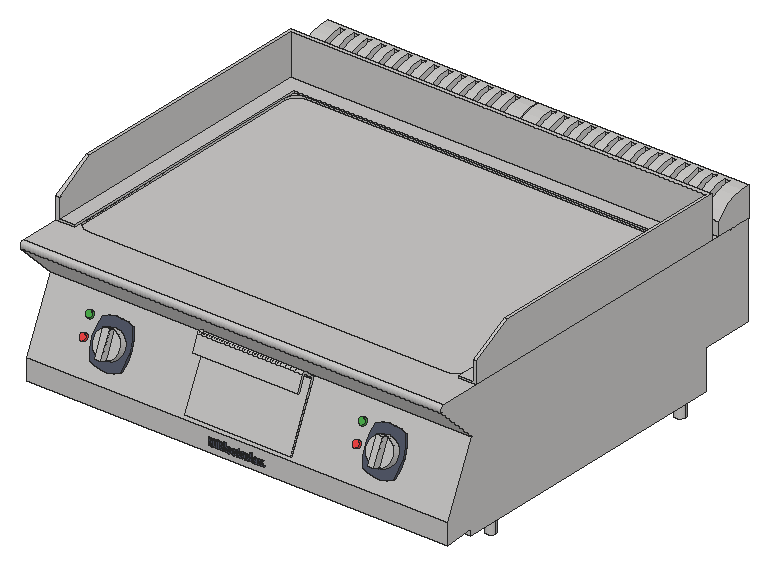
Revit family "QF_ELECTROLUXPROFESSIONAL_371197_E7FTEHCPI0", category Specialty Equipment, Revit 2018
Family settings
  Round Connector Dimension = Use Diameter
  Part Type = Normal
  Work Plane-Based = No
  Always vertical = Yes
  Cut with Voids When Loaded = No
  Shared = No
  Room Calculation Point = No
Parameters
  Width = 800.1 mm  # constant formula
  Weight in Pounds = 154  # constant formula
  Watts = 8400 VA  # 8400 W
  Volts = 400 V  # constant formula
  URL Cutsheet = "www.electrolux.com/foodservice"
  URL = "www.electrolux.com/foodservice"
  Type Mark [instance] = ""
  Status [instance] = ""
  Specification by User [instance] = ""
  Specification by Manufacturer = ""
  Show Logo [instance] = yes
  Show Clearance [instance] = yes
  Serial Number = ""
  Seismic Rating = ""
  SMACNA No = ""
  Revision Code [instance] = ""
  Phase = 3  # constant formula
  Omniclass Number and Title = ""
  Number of Poles [instance] = 1
  NAFEM Spec ID Number = ""
  Model = "371197"
  Min Ckt Ampacity = 0 A
  Max Overcurrent Protection = 0 A
  Masterspec = ""
  Manufacturer = "ELECTROLUX"
  Item Number [instance] = ""
  Installed By [instance] = ""
  Identify Quantity as Lot [instance] = yes
  Height = 355 mm  # constant formula
  HP = "11.3 HP"
  Furnished By [instance] = ""
  Foodservice Equipment Identifier [instance] = yes
  FL Amps = if(Phase = 3, Watts / (Volts * 1.73), Watts / Volts)  # 12.1387 A
  Electrical Remarks [instance] = "400 V/3N ph/50/60 Hz"  # constant formula
  Electric Connection Type [instance] = ""
  Elec Conn RI Height [instance] = 0 mm
  Elec Conn Connection Height [instance] = 0 mm
  Direct Waste Size = 0"
  Description = "700XP Full Module Electricl Fry Top, 2/3 Smooth - 1/3 Ribbed Plate, Chromium Plated - 400V"
  Depth = 730.25 mm  # constant formula
  Cycle [instance] = if([60 Hertz Option], 60 Hz, 50 Hz)  # 60 Hz
  Conn Plug = ""
  Conn Conduit = yes
  CSI MasterFormat = ""
  CSI Master Format = ""
  Base Height [instance] = 23.813 mm  # constant formula
  Assembly Code = ""
  Apparent Power = if(Phase = 3, Volts * FL Amps * 1.73, Volts * FL Amps)  # 8400 VA
  60 Hertz Option [instance] = not([50 Hertz Option])  # yes
  50 Hertz Option [instance] = no
Reference planes
  plane 1 "BACK": y = 0
  plane 2: z = 0
  plane 3 "LEFT": x = 0
  plane 4 "RIGHT": x = 800.1
  plane 5 "FRONT": y = -730.25
  plane 6 "TOP": z = 288.925
  plane 7 "Center Y": x = 400.05
  plane 8 "Center X": y = -365.125
  plane 9 "BASE": z = 23.813
  plane 10 "TOP A": z = 274.638
  plane 11: y = -597.884
  plane 12: y = -147.637
  plane 13: z = 355
Forms (mm)
  Extrusion 1, solid, material "QF_Finishes_Stainless Steel"
    sketch origin (0, 0, 0) x (0, 1, 0) y (0, 0, 1)
      loop
        line (0, 274.638) -> (-722.844, 274.638)
        arc (-722.844, 274.638) -> (-729.641, 270.096) -> (-728.047, 262.077) r 7.358
        line (-728.047, 262.077) -> (-657.416, 191.447) -> (-713.772, 69.003) -> (-713.772, 30.903) -> (-660.4, 36.513) -> (-660.4, 23.812) -> (-101.6, 23.812) -> (-101.6, 98.425) -> (0, 98.425) -> (0, 274.638)
    from 0 to 800.1
  Extrusion 2, void
    sketch origin (0, -2.381, 274.638) x (-1, 0, 0) y (0, -1, 0)
      loop
        arc (-60.425, 120.504) -> (-42.464, 127.943) -> (-35.025, 145.904) r 25.4
        line (-35.025, 145.904) -> (-35.025, 617.104)
        arc (-35.025, 617.104) -> (-42.464, 635.064) -> (-60.425, 642.504) r 25.4
        line (-60.425, 642.504) -> (-739.675, 642.504)
        arc (-739.675, 642.504) -> (-757.636, 635.064) -> (-765.075, 617.104) r 25.4
        line (-765.075, 617.104) -> (-765.075, 145.904)
        arc (-765.075, 145.904) -> (-757.636, 127.943) -> (-739.675, 120.504) r 25.4
        line (-739.675, 120.504) -> (-60.425, 120.504)
    from 0 to -3.2
  Extrusion 3, solid, material "QF_Finishes_Stainless Steel"
    sketch origin (0, 0, 0) x (1, 0, 0) y (0, 1, 0)
      loop
        circle (11.112, -147.638) r 9.525
      loop
        circle (11.112, -597.884) r 9.525
      loop
        circle (788.987, -147.638) r 9.525
      loop
        circle (788.987, -597.884) r 9.525
    from 0 to 23.813
  Extrusion 4, solid, material "QF_Finishes_Stainless Steel"
    sketch origin (0, -101.6, 101.6) x (0, 0, -1) y (-1, 0, 0)
      loop
        circle (43.882, -749.3) r 12.7
    from 0 to 3.175
  Extrusion 5, solid, material "QF_Finishes_Clearance", visible <- "Show Clearance", detail levels coarse
    sketch origin (0, 0, 0) x (1, 0, 0) y (0, 1, 0)
      loop
        line (0, -730.25) -> (0, 0) -> (800.1, 0) -> (800.1, -730.25) -> (950.119, -730.25) -> (950.119, 150.019) -> (-150.019, 150.019) -> (-150.019, -730.25) -> (0, -730.25)
    from 0 to 355
  Sweep 6, solid, material "QF_Finishes_Stainless Steel"
    path origin (0, -2.381, 274.638) x (-1, 0, 0) y (0, -1, 0)
      loop
        line (-765.075, 642.504) -> (-765.075, 120.504) -> (-35.025, 120.504) -> (-35.025, 642.504)
    profile origin (35.025, -383.885, 274.638) x (1, 0, 0) y (0, 0, 1)
      loop
        line (-35.025, 0) -> (0, 0) -> (0, 3.175) -> (-28.675, 3.175) -> (-28.675, 80.363) -> (-35.025, 80.362) -> (-35.025, 0)
  Extrusion 7, void
    sketch origin (0, -87.86, 274.638) x (0, 1, 0) y (0, 0, 1)
      loop
        line (-557.025, 40.481) -> (-483.995, 80.363) -> (-557.025, 80.363) -> (-557.025, 40.481)
    from 0 to 6.35
  Extrusion 8, void
    sketch origin (800.1, -644.885, 274.638) x (0, -1, 0) y (0, 0, 1)
      loop
        line (0, 40.481) -> (0, 80.362) -> (-73.03, 80.362) -> (0, 40.481)
    from 0 to 6.35
  Extrusion 9, solid, material "QF_Finishes_Stainless Steel"
    sketch origin (400.05, 175.397, 1219.2) x (0, 1, 0) y (0, 0, 1)
      loop
        line (-834.228, -1030.828) -> (-850.635, -1014.422)
        arc (-850.635, -1014.422) -> (-855.102, -1013.019) -> (-858.806, -1015.884) r 5.058
        line (-858.806, -1015.884) -> (-871.468, -1043.394) -> (-868.584, -1044.721) -> (-855.922, -1017.211)
        arc (-855.922, -1017.211) -> (-854.543, -1016.145) -> (-852.88, -1016.667) r 1.883
        line (-852.88, -1016.667) -> (-838.037, -1031.51) -> (-888.871, -1141.955) -> (-885.987, -1143.282) -> (-834.228, -1030.828)
    from 100 to -100
  Extrusion 10, solid, material "QF_Finishes_Drawer Clearance", visible <- "Show Clearance", detail levels coarse
    sketch origin (293.7, -101.6, 0) x (0, 1, 0) y (0, 0, 1)
      loop
        line (-660.751, 174.479) -> (-648.089, 201.989)
        arc (-648.089, 201.989) -> (-646.71, 203.055) -> (-645.046, 202.533) r 1.883
        line (-645.046, 202.533) -> (-630.204, 187.69) -> (-681.037, 77.245) -> (-678.153, 75.918) -> (-608.989, 75.918) -> (-557.231, 188.372) -> (-573.638, 204.778)
        arc (-573.638, 204.778) -> (-574.873, 205.685) -> (-576.323, 206.181) r 5.058
        line (-576.323, 206.181) -> (-647.269, 206.181)
        arc (-647.269, 206.181) -> (-649.472, 205.203) -> (-650.973, 203.316) r 5.058
        line (-650.973, 203.316) -> (-663.635, 175.806) -> (-660.751, 174.479)
    from 6.35 to 206.35
  Extrusion 11, solid, material "QF_Finishes_Navy Blue"
    sketch origin (-399.27, -713.772, 69.003) x (0, 0.418102, 0.9084) y (-1, 0, 0)
      loop
        arc (102.623, -510.47) -> (67.041, -502.846) -> (31.333, -509.853) r 90.5
        arc (31.333, -509.853) -> (24.507, -539.04) -> (31.333, -568.228) r 65.817
        arc (31.333, -568.228) -> (67.04, -575.188) -> (102.623, -567.615) r 91.066
        arc (102.623, -567.615) -> (109.179, -539.043) -> (102.623, -510.47) r 65.546
    from 0 to 3.175
  Extrusion 12, solid, material "QF_Finishes_Stainless Steel"
    sketch origin (-20.52, -717.485, 68.529) x (0, 0.418102, 0.9084) y (-1, 0, 0)
      loop
        circle (68.826, -160.963) r 25.4
    from 0 to 12.7
  Extrusion 13, solid, material "QF_Finishes_Stainless Steel"
    sketch origin (-20.52, -729.022, 73.839) x (0, 0.418102, 0.9084) y (-1, 0, 0)
      loop
        arc (93.558, -166.749) -> (94.226, -160.963) -> (93.558, -155.177) r 25.4
        line (93.558, -155.177) -> (44.094, -155.177)
        arc (44.094, -155.177) -> (43.426, -160.963) -> (44.094, -166.749) r 25.4
        line (44.094, -166.749) -> (93.558, -166.749)
    from 0 to 12.7
  Extrusion 14, solid, material "QF_Finishes_Navy Blue"
    sketch origin (97.744, -713.772, 69.003) x (0, 0.418102, 0.9084) y (-1, 0, 0)
      loop
        arc (102.623, -532.67) -> (67.041, -525.046) -> (31.333, -532.053) r 90.5
        arc (31.333, -532.053) -> (24.507, -561.24) -> (31.333, -590.428) r 65.817
        arc (31.333, -590.428) -> (67.04, -597.388) -> (102.623, -589.815) r 91.066
        arc (102.623, -589.815) -> (109.179, -561.243) -> (102.623, -532.67) r 65.546
    from 0 to 3.175
  Extrusion 15, solid, material "QF_Finishes_Stainless Steel"
    sketch origin (498.994, -717.485, 68.529) x (0, 0.418102, 0.9084) y (-1, 0, 0)
      loop
        circle (68.826, -160.963) r 25.4
    from 0 to 12.7
  Extrusion 16, solid, material "QF_Finishes_Stainless Steel"
    sketch origin (498.994, -729.022, 73.839) x (0, 0.418102, 0.9084) y (-1, 0, 0)
      loop
        arc (93.558, -166.749) -> (94.226, -160.963) -> (93.558, -155.177) r 25.4
        line (93.558, -155.177) -> (44.094, -155.177)
        arc (44.094, -155.177) -> (43.426, -160.963) -> (44.094, -166.749) r 25.4
        line (44.094, -166.749) -> (93.558, -166.749)
    from 0 to 12.7
  Extrusion 17, solid, material "QF_Finishes_Red"
    sketch origin (-380.91, -727.848, 38.421) x (0, 0.418102, 0.9084) y (-1, 0, 0)
      loop
        circle (95.112, -468.698) r 6.35
    from 0 to 3.175
  Extrusion 18, solid, material "QF_Finishes_Red"
    sketch origin (116.104, -727.848, 38.421) x (0, 0.418102, 0.9084) y (-1, 0, 0)
      loop
        circle (95.112, -490.898) r 6.35
    from 0 to 3.175
  Extrusion 19, solid, material "QF_Finishes_Green"
    sketch origin (-380.91, -712.919, 70.857) x (0, 0.418102, 0.9084) y (-1, 0, 0)
      loop
        circle (95.112, -468.698) r 6.35
    from 0 to 3.175
  Extrusion 20, solid, material "QF_Finishes_Green"
    sketch origin (116.104, -712.919, 70.857) x (0, 0.418102, 0.9084) y (-1, 0, 0)
      loop
        circle (95.112, -490.898) r 6.35
    from 0 to 3.175
  Extrusion 21, solid, material "QF_Finishes_Navy Blue", visible <- "Show Logo"
    sketch origin (58.349, -713.772, 35.665) x (0, 0, 1) y (-1, 0, 0)
      loop
        line (20.674, -296.698) -> (8.307, -296.698)
        arc (8.307, -296.698) -> (14.491, -301.27) -> (20.674, -296.698) r 6.467
      loop
        arc (20.674, -296.069) -> (19.505, -290.926) -> (14.849, -288.448) r 6.338
        line (14.849, -288.448) -> (14.849, -290.494)
        arc (14.849, -290.494) -> (16.333, -294.149) -> (19.778, -296.069) r 5.941
        line (19.778, -296.069) -> (20.674, -296.069)
      loop
        arc (9.203, -296.069) -> (12.648, -294.149) -> (14.132, -290.494) r 5.941
        line (14.132, -290.494) -> (14.132, -288.448)
        arc (14.132, -288.448) -> (9.438, -290.922) -> (8.148, -296.069) r 6.504
        line (8.148, -296.069) -> (9.203, -296.069)
      loop
        line (21.349, -287.979) -> (7.604, -287.979) -> (7.604, -301.742) -> (21.349, -301.742) -> (21.349, -287.979)
      loop
        arc (21.432, -304.71) -> (21.085, -304.352) -> (20.718, -304.69) r 0.358
        arc (20.718, -304.69) -> (20.404, -305.44) -> (19.687, -305.825) r 1.216
        line (19.687, -305.825) -> (9.274, -305.825)
        arc (9.274, -305.825) -> (8.614, -305.548) -> (8.218, -304.951) r 1.238
        arc (8.218, -304.951) -> (7.823, -304.7) -> (7.518, -305.054) r 0.358
        line (7.518, -305.054) -> (7.518, -314.933) -> (10.269, -314.933) -> (10.269, -314.036)
        arc (10.269, -314.036) -> (9.36, -313.456) -> (8.904, -312.479) r 1.928
        line (8.904, -312.479) -> (8.904, -309.98)
        arc (8.904, -309.98) -> (9.18, -309.251) -> (9.868, -308.887) r 1.101
        line (9.868, -308.887) -> (13.955, -308.887) -> (13.955, -312.561)
        arc (13.955, -312.561) -> (13.602, -313.058) -> (13.037, -313.286) r 1.083
        arc (13.037, -313.286) -> (12.773, -313.591) -> (13.065, -313.869) r 0.292
        line (13.065, -313.869) -> (16.028, -313.869)
        arc (16.028, -313.869) -> (16.33, -313.596) -> (16.092, -313.266) r 0.305
        arc (16.092, -313.266) -> (15.601, -313.018) -> (15.296, -312.561) r 1.083
        line (15.296, -312.561) -> (15.296, -308.887) -> (19.973, -308.887) -> (19.973, -312.635)
        arc (19.973, -312.635) -> (19.759, -313.39) -> (19.153, -313.888) r 1.314
        arc (19.153, -313.888) -> (18.934, -314.292) -> (19.288, -314.585) r 0.361
        line (19.288, -314.585) -> (21.432, -314.585) -> (21.432, -304.71)
      loop
        arc (20.715, -315.365) -> (20.335, -316.284) -> (19.416, -316.664) r 1.299
        line (19.416, -316.664) -> (9.837, -316.664)
        arc (9.837, -316.664) -> (8.999, -316.286) -> (8.728, -315.408) r 1.118
        line (8.728, -315.408) -> (7.518, -315.408) -> (7.518, -320.758) -> (8.706, -320.758)
        arc (8.706, -320.758) -> (8.978, -319.841) -> (9.848, -319.445) r 1.153
        line (9.848, -319.445) -> (21.92, -319.445) -> (20.715, -315.365)
      loop
        line (12.483, -323.394) -> (12.483, -329.842) -> (13.282, -329.842)
        arc (13.282, -329.842) -> (15.862, -328.857) -> (17.131, -326.404) r 3.874
        line (17.131, -326.404) -> (17.131, -324.643)
        arc (17.131, -324.643) -> (15.944, -321.778) -> (13.08, -320.592) r 4.051
        line (13.08, -320.592) -> (11.072, -320.592)
        arc (11.072, -320.592) -> (8.253, -322.077) -> (7.202, -325.084) r 4.352
        arc (7.202, -325.084) -> (7.566, -327.547) -> (8.943, -329.621) r 5.713
        line (8.943, -329.621) -> (9.892, -329.621)
        arc (9.892, -329.621) -> (9.16, -328.052) -> (8.943, -326.334) r 5.579
        arc (8.943, -326.334) -> (9.737, -324.371) -> (11.616, -323.394) r 3.057
        line (11.616, -323.394) -> (12.483, -323.394)
      loop
        line (13.742, -323.394) -> (13.742, -326.977)
        arc (13.742, -326.977) -> (15.199, -327.024) -> (16.082, -325.864) r 1.59
        line (16.082, -325.864) -> (16.082, -325.034)
        arc (16.082, -325.034) -> (15.217, -323.779) -> (13.742, -323.394) r 2.184
      loop
        arc (16.533, -339.259) -> (17.022, -337.585) -> (17.179, -335.848) r 9.023
        line (17.179, -335.848) -> (17.179, -334.486)
        arc (17.179, -334.486) -> (16.02, -331.686) -> (13.22, -330.527) r 3.959
        line (13.22, -330.527) -> (10.62, -330.527)
        arc (10.62, -330.527) -> (8.338, -331.819) -> (7.221, -334.192) r 4.331
        line (7.221, -334.192) -> (7.221, -336.327)
        arc (7.221, -336.327) -> (7.729, -337.877) -> (8.651, -339.223) r 5.772
        arc (8.651, -339.223) -> (9.412, -339.274) -> (9.499, -338.515) r 0.553
        arc (9.499, -338.515) -> (9.111, -337.781) -> (8.977, -336.962) r 2.573
        line (8.977, -336.962) -> (8.977, -335.447)
        arc (8.977, -335.447) -> (9.983, -333.806) -> (11.798, -333.163) r 2.884
        line (11.798, -333.163) -> (13.077, -333.163)
        arc (13.077, -333.163) -> (14.898, -333.723) -> (15.824, -335.388) r 2.554
        line (15.824, -335.388) -> (15.824, -336.441)
        arc (15.824, -336.441) -> (15.493, -337.369) -> (14.836, -338.104) r 2.564
        arc (14.836, -338.104) -> (14.614, -338.821) -> (15.223, -339.259) r 0.643
        line (15.223, -339.259) -> (16.533, -339.259)
      loop
        line (15.515, -339.53) -> (15.515, -341.031) -> (9.467, -341.031)
        arc (9.467, -341.031) -> (7.879, -341.688) -> (7.221, -343.276) r 2.246
        line (7.221, -343.276) -> (7.221, -344.86)
        arc (7.221, -344.86) -> (7.535, -345.725) -> (8.035, -346.496) r 4.06
        arc (8.035, -346.496) -> (8.768, -346.629) -> (9.019, -345.928) r 0.576
        arc (9.019, -345.928) -> (8.913, -345.403) -> (8.977, -344.87) r 1.69
        arc (8.977, -344.87) -> (9.519, -344.082) -> (10.425, -343.779) r 1.506
        line (10.425, -343.779) -> (15.563, -343.779) -> (15.563, -346.176) -> (16.119, -346.733) -> (16.941, -346.733) -> (16.941, -343.873) -> (20.172, -343.873) -> (15.515, -339.53)
      loop
        line (7.438, -347.63) -> (7.438, -353.017) -> (8.548, -353.017)
        arc (8.548, -353.017) -> (8.942, -352.066) -> (9.893, -351.672) r 1.345
        line (9.893, -351.672) -> (13.509, -351.672)
        arc (13.509, -351.672) -> (14.274, -352.264) -> (14.564, -353.186) r 1.615
        line (14.564, -353.186) -> (14.564, -354.742) -> (17.119, -355.427) -> (17.119, -354.044) -> (15.177, -351.485) -> (17.057, -351.485) -> (16.773, -348.779)
        arc (16.773, -348.779) -> (16.333, -348.249) -> (15.674, -348.45) r 0.621
        arc (15.674, -348.45) -> (15.274, -348.792) -> (14.78, -348.975) r 1.501
        line (14.78, -348.975) -> (9.893, -348.975)
        arc (9.893, -348.975) -> (8.942, -348.581) -> (8.548, -347.63) r 1.345
        line (8.548, -347.63) -> (7.438, -347.63)
      loop
        line (13.54, -354.964) -> (10.848, -354.964)
        arc (10.848, -354.964) -> (8.403, -356.272) -> (7.269, -358.803) r 4.288
        arc (7.269, -358.803) -> (7.205, -360.183) -> (7.269, -361.563) r 15.022
        arc (7.269, -361.563) -> (8.403, -364.094) -> (10.848, -365.401) r 4.288
        line (10.848, -365.401) -> (13.54, -365.401)
        arc (13.54, -365.401) -> (15.986, -364.094) -> (17.119, -361.563) r 4.288
        arc (17.119, -361.563) -> (17.183, -360.183) -> (17.119, -358.803) r 15.022
        arc (17.119, -358.803) -> (15.986, -356.272) -> (13.54, -354.964) r 4.288
      loop
        line (13.745, -358.078) -> (10.643, -358.078)
        arc (10.643, -358.078) -> (8.486, -360.235) -> (10.643, -362.392) r 2.157
        line (10.643, -362.392) -> (13.745, -362.392)
        arc (13.745, -362.392) -> (15.902, -360.235) -> (13.745, -358.078) r 2.157
      loop
        arc (20.726, -365.26) -> (20.355, -366.154) -> (19.461, -366.524) r 1.264
        line (19.461, -366.524) -> (9.597, -366.524)
        arc (9.597, -366.524) -> (8.727, -366.127) -> (8.455, -365.211) r 1.153
        line (8.455, -365.211) -> (7.518, -365.211) -> (7.518, -370.319) -> (8.446, -370.319)
        arc (8.446, -370.319) -> (8.805, -369.547) -> (9.597, -369.232) r 1.153
        line (9.597, -369.232) -> (21.92, -369.232) -> (20.726, -365.26)
      loop
        arc (15.846, -369.857) -> (15.647, -370.921) -> (14.678, -371.403) r 1.215
        line (14.678, -371.403) -> (9.658, -371.403)
        arc (9.658, -371.403) -> (8.043, -372.051) -> (7.322, -373.634) r 2.338
        line (7.322, -373.634) -> (7.322, -375.148)
        arc (7.322, -375.148) -> (7.497, -376.152) -> (7.999, -377.038) r 2.979
        line (7.999, -377.038) -> (7.518, -378.835) -> (7.518, -380.524) -> (16.943, -380.524) -> (16.649, -376.32) -> (15.863, -376.32)
        arc (15.863, -376.32) -> (15.507, -377.156) -> (14.755, -377.665) r 1.605
        line (14.755, -377.665) -> (9.652, -377.665)
        arc (9.652, -377.665) -> (9.232, -376.728) -> (9.159, -375.704) r 2.94
        arc (9.159, -375.704) -> (9.72, -374.603) -> (10.873, -374.16) r 1.724
        line (10.873, -374.16) -> (17.07, -374.16) -> (15.846, -369.857)
      loop
        line (16.874, -381.377) -> (15.202, -383.423) -> (12.028, -385.729) -> (8.572, -382.617)
        arc (8.572, -382.617) -> (8.335, -382.223) -> (8.357, -381.764) r 0.789
        line (8.357, -381.764) -> (7.518, -381.764) -> (7.518, -385.309) -> (8.344, -385.309)
        arc (8.344, -385.309) -> (8.686, -384.947) -> (9.176, -385.039) r 0.52
        line (9.176, -385.039) -> (10.976, -386.51) -> (8.858, -387.886)
        arc (8.858, -387.886) -> (8.457, -387.576) -> (8.37, -387.076) r 0.7
        line (8.37, -387.076) -> (7.518, -387.076) -> (7.518, -393.003) -> (8.405, -393.003)
        arc (8.405, -393.003) -> (8.472, -392.344) -> (8.866, -391.813) r 1.247
        line (8.866, -391.813) -> (13.066, -388.532) -> (15.513, -390.585) -> (16.874, -392.327) -> (16.874, -388.604) -> (15.389, -389.026) -> (13.868, -387.749) -> (15.568, -386.559) -> (16.874, -387.336) -> (16.874, -381.377)
    from 0 to 1.644
  Extrusion 22, solid, material "QF_Finishes_Stainless Steel"
    sketch origin (0, 0, 0) x (0, 1, 0) y (0, 0, 1)
      loop
        line (0, 274.638) -> (0, 331.738)
        arc (0, 331.738) -> (-38.857, 324.552) -> (-69.85, 300.038) r 82.056
        line (-69.85, 300.038) -> (-69.85, 274.638) -> (0, 274.638)
    from 0 to 400.05
  Extrusion 23, void
    sketch origin (0, 0, 274.638) x (0, -1, 0) y (1, 0, 0)
      loop
        line (6.761, 29.703) -> (63.911, 29.703) -> (63.911, 38.999) -> (6.761, 38.999) -> (6.761, 29.703)
      loop
        line (63.911, 64.487) -> (6.761, 64.487) -> (6.761, 55.191) -> (63.911, 55.191) -> (63.911, 64.487)
      loop
        line (63.911, 89.975) -> (6.761, 89.975) -> (6.761, 80.68) -> (63.911, 80.68) -> (63.911, 89.975)
      loop
        line (63.911, 115.464) -> (6.761, 115.464) -> (6.761, 106.168) -> (63.911, 106.168) -> (63.911, 115.464)
      loop
        line (63.911, 140.952) -> (6.761, 140.952) -> (6.761, 131.656) -> (63.911, 131.656) -> (63.911, 140.952)
      loop
        line (63.911, 166.44) -> (6.761, 166.44) -> (6.761, 157.145) -> (63.911, 157.145) -> (63.911, 166.44)
      loop
        line (63.911, 191.929) -> (6.761, 191.929) -> (6.761, 182.633) -> (63.911, 182.633) -> (63.911, 191.929)
      loop
        line (63.911, 217.417) -> (6.761, 217.417) -> (6.761, 208.121) -> (63.911, 208.121) -> (63.911, 217.417)
      loop
        line (63.911, 242.905) -> (6.761, 242.905) -> (6.761, 233.61) -> (63.911, 233.61) -> (63.911, 242.905)
      loop
        line (63.911, 268.394) -> (6.761, 268.394) -> (6.761, 259.098) -> (63.911, 259.098) -> (63.911, 268.394)
      loop
        line (63.911, 293.882) -> (6.761, 293.882) -> (6.761, 284.586) -> (63.911, 284.586) -> (63.911, 293.882)
      loop
        line (63.911, 319.37) -> (6.761, 319.37) -> (6.761, 310.075) -> (63.911, 310.075) -> (63.911, 319.37)
      loop
        line (63.911, 344.859) -> (6.761, 344.859) -> (6.761, 335.563) -> (63.911, 335.563) -> (63.911, 344.859)
      loop
        line (63.911, 370.347) -> (6.761, 370.347) -> (6.761, 361.051) -> (63.911, 361.051) -> (63.911, 370.347)
    from 25.4 to 63.5
  Extrusion 24, solid, material "QF_Finishes_Stainless Steel"
    sketch origin (400.05, 0, 0) x (0, 1, 0) y (0, 0, 1)
      loop
        line (0, 274.638) -> (0, 331.738)
        arc (0, 331.738) -> (-38.857, 324.552) -> (-69.85, 300.038) r 82.056
        line (-69.85, 300.038) -> (-69.85, 274.638) -> (0, 274.638)
    from 0 to 400.05
  Extrusion 25, void
    sketch origin (400.05, 0, 274.638) x (0, -1, 0) y (1, 0, 0)
      loop
        line (6.761, 29.703) -> (63.911, 29.703) -> (63.911, 38.999) -> (6.761, 38.999) -> (6.761, 29.703)
      loop
        line (63.911, 64.487) -> (6.761, 64.487) -> (6.761, 55.191) -> (63.911, 55.191) -> (63.911, 64.487)
      loop
        line (63.911, 89.975) -> (6.761, 89.975) -> (6.761, 80.68) -> (63.911, 80.68) -> (63.911, 89.975)
      loop
        line (63.911, 115.464) -> (6.761, 115.464) -> (6.761, 106.168) -> (63.911, 106.168) -> (63.911, 115.464)
      loop
        line (63.911, 140.952) -> (6.761, 140.952) -> (6.761, 131.656) -> (63.911, 131.656) -> (63.911, 140.952)
      loop
        line (63.911, 166.44) -> (6.761, 166.44) -> (6.761, 157.145) -> (63.911, 157.145) -> (63.911, 166.44)
      loop
        line (63.911, 191.929) -> (6.761, 191.929) -> (6.761, 182.633) -> (63.911, 182.633) -> (63.911, 191.929)
      loop
        line (63.911, 217.417) -> (6.761, 217.417) -> (6.761, 208.121) -> (63.911, 208.121) -> (63.911, 217.417)
      loop
        line (63.911, 242.905) -> (6.761, 242.905) -> (6.761, 233.61) -> (63.911, 233.61) -> (63.911, 242.905)
      loop
        line (63.911, 268.394) -> (6.761, 268.394) -> (6.761, 259.098) -> (63.911, 259.098) -> (63.911, 268.394)
      loop
        line (63.911, 293.882) -> (6.761, 293.882) -> (6.761, 284.586) -> (63.911, 284.586) -> (63.911, 293.882)
      loop
        line (63.911, 319.37) -> (6.761, 319.37) -> (6.761, 310.075) -> (63.911, 310.075) -> (63.911, 319.37)
      loop
        line (63.911, 344.859) -> (6.761, 344.859) -> (6.761, 335.563) -> (63.911, 335.563) -> (63.911, 344.859)
      loop
        line (63.911, 370.347) -> (6.761, 370.347) -> (6.761, 361.051) -> (63.911, 361.051) -> (63.911, 370.347)
    from 25.4 to 63.5
Cuts and joins
  Extrusion 2 cuts Extrusion 1
  Extrusion 7, Extrusion 8 cuts Sweep 6
  Extrusion 23 cuts Extrusion 22
  Extrusion 25 cuts Extrusion 24
Lines and regions (mm)
  symbolic lines, style "QF-Clearances", visible <- "Show Clearance", detail levels coarse
    curve 1: line (-150.019, 150.019, 274.638) -> (-150.019, -730.25, 274.638)
    curve 2: line (950.119, 150.019, 274.638) -> (-150.019, 150.019, 274.638)
    curve 3: line (950.119, -730.25, 274.638) -> (950.119, 150.019, 274.638)
  symbolic lines
    curve 4: line (0, 0, 274.638) -> (800.1, 0, 274.638)
    curve 5: line (0, -730.25, 274.638) -> (0, 0, 274.638)
    curve 6: line (800.1, 0, 274.638) -> (800.1, -730.25, 274.638)
    curve 7: line (35.025, -122.885, 274.638) -> (35.025, -644.885, 274.638)
    curve 8: arc (35.025, -619.485, 274.638) -> (42.464, -637.445, 274.638) -> (60.425, -644.885, 274.638) r 25.4
    curve 9: line (0, -644.885, 274.638) -> (35.025, -644.885, 274.638)
    curve 10: arc (739.675, -644.885, 274.638) -> (757.636, -637.445, 274.638) -> (765.075, -619.485, 274.638) r 25.4
    curve 11: line (765.075, -644.885, 274.638) -> (765.075, -122.885, 274.638)
    curve 12: line (765.075, -122.885, 274.638) -> (35.025, -122.885, 274.638)
    curve 13: line (0, -69.85, 274.638) -> (800.1, -69.85, 274.638)
    curve 14: line (800.1, -730.25, 274.638) -> (0, -730.25, 274.638)
    curve 15: arc (60.425, -122.885, 274.638) -> (42.464, -130.324, 274.638) -> (35.025, -148.285, 274.638) r 25.4
    curve 16: arc (738.654, -122.885, 274.638) -> (757.336, -130.623, 274.638) -> (765.075, -149.306, 274.638) r 26.421
    curve 17: line (6.35, -94.21, 274.638) -> (6.35, -644.885, 274.638)
    curve 18: line (6.35, -94.21, 274.638) -> (793.75, -94.21, 274.638)
    curve 19: line (793.75, -94.21, 274.638) -> (793.75, -644.885, 274.638)
    curve 20: line (765.075, -644.885, 274.638) -> (800.1, -644.885, 274.638)
    curve 21: line (60.425, -644.885, 274.638) -> (739.675, -644.885, 274.638)
    curve 25: line (29.703, -6.761, 0) -> (38.999, -6.761, 0)
    curve 26: line (29.703, -63.911, 0) -> (29.703, -6.761, 0)
    curve 27: line (38.999, -63.911, 0) -> (29.703, -63.911, 0)
    curve 28: line (38.999, -6.761, 0) -> (38.999, -63.911, 0)
    curve 29: line (55.191, -6.761, 0) -> (64.487, -6.761, 0)
    curve 30: line (55.191, -63.911, 0) -> (55.191, -6.761, 0)
    curve 31: line (64.487, -63.911, 0) -> (55.191, -63.911, 0)
    curve 32: line (64.487, -6.761, 0) -> (64.487, -63.911, 0)
    curve 33: line (80.68, -6.761, 0) -> (89.975, -6.761, 0)
    curve 34: line (80.68, -63.911, 0) -> (80.68, -6.761, 0)
    curve 35: line (89.975, -63.911, 0) -> (80.68, -63.911, 0)
    curve 36: line (89.975, -6.761, 0) -> (89.975, -63.911, 0)
    curve 37: line (106.168, -6.761, 0) -> (115.464, -6.761, 0)
    curve 38: line (106.168, -63.911, 0) -> (106.168, -6.761, 0)
    curve 39: line (115.464, -63.911, 0) -> (106.168, -63.911, 0)
    curve 40: line (115.464, -6.761, 0) -> (115.464, -63.911, 0)
    curve 41: line (131.656, -6.761, 0) -> (140.952, -6.761, 0)
    curve 42: line (131.656, -63.911, 0) -> (131.656, -6.761, 0)
    curve 43: line (140.952, -63.911, 0) -> (131.656, -63.911, 0)
    curve 44: line (140.952, -6.761, 0) -> (140.952, -63.911, 0)
    curve 45: line (157.145, -6.761, 0) -> (166.44, -6.761, 0)
    curve 46: line (157.145, -63.911, 0) -> (157.145, -6.761, 0)
    curve 47: line (166.44, -63.911, 0) -> (157.145, -63.911, 0)
    curve 48: line (166.44, -6.761, 0) -> (166.44, -63.911, 0)
    curve 49: line (182.633, -6.761, 0) -> (191.929, -6.761, 0)
    curve 50: line (182.633, -63.911, 0) -> (182.633, -6.761, 0)
    curve 51: line (191.929, -63.911, 0) -> (182.633, -63.911, 0)
    curve 52: line (191.929, -6.761, 0) -> (191.929, -63.911, 0)
    curve 53: line (208.121, -6.761, 0) -> (217.417, -6.761, 0)
    curve 54: line (208.121, -63.911, 0) -> (208.121, -6.761, 0)
    curve 55: line (217.417, -63.911, 0) -> (208.121, -63.911, 0)
    curve 56: line (217.417, -6.761, 0) -> (217.417, -63.911, 0)
    curve 57: line (233.61, -6.761, 0) -> (242.905, -6.761, 0)
    curve 58: line (233.61, -63.911, 0) -> (233.61, -6.761, 0)
    curve 59: line (242.905, -63.911, 0) -> (233.61, -63.911, 0)
    curve 60: line (242.905, -6.761, 0) -> (242.905, -63.911, 0)
    curve 61: line (259.098, -6.761, 0) -> (268.394, -6.761, 0)
    curve 62: line (259.098, -63.911, 0) -> (259.098, -6.761, 0)
    curve 63: line (268.394, -63.911, 0) -> (259.098, -63.911, 0)
    curve 64: line (268.394, -6.761, 0) -> (268.394, -63.911, 0)
    curve 65: line (284.586, -6.761, 0) -> (293.882, -6.761, 0)
    curve 66: line (284.586, -63.911, 0) -> (284.586, -6.761, 0)
    curve 67: line (293.882, -63.911, 0) -> (284.586, -63.911, 0)
    curve 68: line (293.882, -6.761, 0) -> (293.882, -63.911, 0)
    curve 69: line (310.075, -6.761, 0) -> (319.37, -6.761, 0)
    curve 70: line (310.075, -63.911, 0) -> (310.075, -6.761, 0)
    curve 71: line (319.37, -63.911, 0) -> (310.075, -63.911, 0)
    curve 72: line (319.37, -6.761, 0) -> (319.37, -63.911, 0)
    curve 73: line (335.563, -6.761, 0) -> (344.859, -6.761, 0)
    curve 74: line (335.563, -63.911, 0) -> (335.563, -6.761, 0)
    curve 75: line (344.859, -63.911, 0) -> (335.563, -63.911, 0)
    curve 76: line (344.859, -6.761, 0) -> (344.859, -63.911, 0)
    curve 77: line (361.051, -6.761, 0) -> (370.347, -6.761, 0)
    curve 78: line (361.051, -63.911, 0) -> (361.051, -6.761, 0)
    curve 79: line (370.347, -63.911, 0) -> (361.051, -63.911, 0)
    curve 80: line (370.347, -6.761, 0) -> (370.347, -63.911, 0)
    curve 81: line (400.05, 0, 0) -> (400.05, -69.85, 0)
    curve 82: line (770.397, -6.761, 0) -> (761.101, -6.761, 0)
    curve 83: line (770.397, -63.911, 0) -> (770.397, -6.761, 0)
    curve 84: line (761.101, -63.911, 0) -> (770.397, -63.911, 0)
    curve 85: line (761.101, -6.761, 0) -> (761.101, -63.911, 0)
    curve 86: line (744.909, -6.761, 0) -> (735.613, -6.761, 0)
    curve 87: line (744.909, -63.911, 0) -> (744.909, -6.761, 0)
    curve 88: line (735.613, -63.911, 0) -> (744.909, -63.911, 0)
    curve 89: line (735.613, -6.761, 0) -> (735.613, -63.911, 0)
    curve 90: line (719.42, -6.761, 0) -> (710.125, -6.761, 0)
    curve 91: line (719.42, -63.911, 0) -> (719.42, -6.761, 0)
    curve 92: line (710.125, -63.911, 0) -> (719.42, -63.911, 0)
    curve 93: line (710.125, -6.761, 0) -> (710.125, -63.911, 0)
    curve 94: line (693.932, -6.761, 0) -> (684.636, -6.761, 0)
    curve 95: line (693.932, -63.911, 0) -> (693.932, -6.761, 0)
    curve 96: line (684.636, -63.911, 0) -> (693.932, -63.911, 0)
    curve 97: line (684.636, -6.761, 0) -> (684.636, -63.911, 0)
    curve 98: line (668.444, -6.761, 0) -> (659.148, -6.761, 0)
    curve 99: line (668.444, -63.911, 0) -> (668.444, -6.761, 0)
    curve 100: line (659.148, -63.911, 0) -> (668.444, -63.911, 0)
    curve 101: line (659.148, -6.761, 0) -> (659.148, -63.911, 0)
    curve 102: line (642.955, -6.761, 0) -> (633.66, -6.761, 0)
    curve 103: line (642.955, -63.911, 0) -> (642.955, -6.761, 0)
    curve 104: line (633.66, -63.911, 0) -> (642.955, -63.911, 0)
    curve 105: line (633.66, -6.761, 0) -> (633.66, -63.911, 0)
    curve 106: line (617.467, -6.761, 0) -> (608.171, -6.761, 0)
    curve 107: line (617.467, -63.911, 0) -> (617.467, -6.761, 0)
    curve 108: line (608.171, -63.911, 0) -> (617.467, -63.911, 0)
    curve 109: line (608.171, -6.761, 0) -> (608.171, -63.911, 0)
    curve 110: line (591.979, -6.761, 0) -> (582.683, -6.761, 0)
    curve 111: line (591.979, -63.911, 0) -> (591.979, -6.761, 0)
    curve 112: line (582.683, -63.911, 0) -> (591.979, -63.911, 0)
    curve 113: line (582.683, -6.761, 0) -> (582.683, -63.911, 0)
    curve 114: line (566.49, -6.761, 0) -> (557.195, -6.761, 0)
    curve 115: line (566.49, -63.911, 0) -> (566.49, -6.761, 0)
    curve 116: line (557.195, -63.911, 0) -> (566.49, -63.911, 0)
    curve 117: line (557.195, -6.761, 0) -> (557.195, -63.911, 0)
    curve 118: line (541.002, -6.761, 0) -> (531.706, -6.761, 0)
    curve 119: line (541.002, -63.911, 0) -> (541.002, -6.761, 0)
    curve 120: line (531.706, -63.911, 0) -> (541.002, -63.911, 0)
    curve 121: line (531.706, -6.761, 0) -> (531.706, -63.911, 0)
    curve 122: line (515.514, -6.761, 0) -> (506.218, -6.761, 0)
    curve 123: line (515.514, -63.911, 0) -> (515.514, -6.761, 0)
    curve 124: line (506.218, -63.911, 0) -> (515.514, -63.911, 0)
    curve 125: line (506.218, -6.761, 0) -> (506.218, -63.911, 0)
    curve 126: line (490.025, -6.761, 0) -> (480.73, -6.761, 0)
    curve 127: line (490.025, -63.911, 0) -> (490.025, -6.761, 0)
    curve 128: line (480.73, -63.911, 0) -> (490.025, -63.911, 0)
    curve 129: line (480.73, -6.761, 0) -> (480.73, -63.911, 0)
    curve 130: line (464.537, -6.761, 0) -> (455.241, -6.761, 0)
    curve 131: line (464.537, -63.911, 0) -> (464.537, -6.761, 0)
    curve 132: line (455.241, -63.911, 0) -> (464.537, -63.911, 0)
    curve 133: line (455.241, -6.761, 0) -> (455.241, -63.911, 0)
    curve 134: line (439.049, -6.761, 0) -> (429.753, -6.761, 0)
    curve 135: line (439.049, -63.911, 0) -> (439.049, -6.761, 0)
    curve 136: line (429.753, -63.911, 0) -> (439.049, -63.911, 0)
    curve 137: line (429.753, -6.761, 0) -> (429.753, -63.911, 0)
    curve 138: line (800.1, -87.86, 0) -> (0, -87.86, 0)
  symbolic lines, style "QF_Drawer Clearance", visible <- "Show Clearance", detail levels coarse
    curve 22: line (300.05, -782.637, 0) -> (300.05, -730.25, 0)
    curve 23: line (300.05, -782.637, 0) -> (500.05, -782.637, 0)
    curve 24: line (500.05, -782.637, 0) -> (500.05, -730.25, 0)
Dimensions and locks
  equal spacing: plane 3 "LEFT", plane 7 "Center Y", plane 4 "RIGHT"
  "Width": plane 3 "LEFT" to plane 4 "RIGHT"
  equal spacing: plane 5 "FRONT", plane 8 "Center X", plane 1 "BACK"
  "Depth": plane 5 "FRONT" to plane 1 "BACK"
  plane 1 "BACK" to plane 5 "FRONT" = 730.25 mm
  "Base Height": plane 9 "BASE" to level
  locked: plane 10 "TOP A" to plane 9 "BASE" at 250.825
  plane 4 "RIGHT" to Extrusion 4 sketch curve = 50.8 mm
  Sweep 6 sketch curve to level = 355 mm
  plane 10 "TOP A" to plane 9 "BASE" = 250.825 mm
  plane 9 "BASE" to level = 23.813 mm
  "Height": plane 13 to level
  aligned and locked: level to plane 2
  aligned and locked: plane 4 "RIGHT" to Extrusion 1
  aligned and locked: Extrusion 3 to plane 9 "BASE"
  aligned: plane 6 "TOP" to Extrusion 5
Automatic sketch dimensions
  Extrusion 13 sketch curve to Extrusion 13 sketch curve = 24.732 mm
  Extrusion 13 sketch curve to Extrusion 13 sketch curve = 0 mm
  Extrusion 16 sketch curve to Extrusion 16 sketch curve = 24.732 mm
  Extrusion 16 sketch curve to Extrusion 16 sketch curve = 0 mm
  plane 1 "BACK" to Extrusion 25 sketch curve = 6.761 mm  (x14)
  Extrusion 25 sketch curve to Extrusion 25 sketch curve = 57.15 mm
  Extrusion 25 sketch curve to Extrusion 25 sketch curve = 0 mm  (x13)
  plane 7 "Center Y" to Extrusion 25 sketch curve = 29.703 mm
  Extrusion 25 sketch curve to Extrusion 25 sketch curve = 9.296 mm  (x14)
  Extrusion 25 sketch curve to Extrusion 25 sketch curve = 16.193 mm  (x13)
  Extrusion 22 sketch curve to plane 10 "TOP A" = 0 mm
  Extrusion 22 sketch curve to plane 1 "BACK" = 0 mm
  plane 1 "BACK" to Extrusion 22 sketch curve = 4.947 mm
  plane 6 "TOP" to Extrusion 22 sketch curve = 11.113 mm
  plane 1 "BACK" to Extrusion 22 sketch curve = 69.85 mm
  Extrusion 22 sketch curve to plane 10 "TOP A" = 24.807 mm
  Extrusion 24 sketch curve to plane 10 "TOP A" = 0 mm
  Extrusion 24 sketch curve to plane 1 "BACK" = 0 mm
  plane 1 "BACK" to Extrusion 24 sketch curve = 4.947 mm
  plane 6 "TOP" to Extrusion 24 sketch curve = 11.113 mm
  plane 1 "BACK" to Extrusion 24 sketch curve = 69.85 mm
  Extrusion 24 sketch curve to plane 10 "TOP A" = 24.807 mm
  plane 5 "FRONT" to curve 22 = 0 mm
  plane 1 "BACK" to curve 81 = 0 mm
  curve 81 to plane 7 "Center Y" = 0 mm
  plane 5 "FRONT" to curve 24 = 0 mm
  curve 79 to plane 7 "Center Y" = 29.703 mm
  curve 78 to curve 77 = 9.296 mm
  plane 1 "BACK" to curve 73 = 6.761 mm
  curve 73 to curve 77 = 16.193 mm
  curve 74 to curve 75 = 9.296 mm
  curve 72 to curve 74 = 16.193 mm
  curve 70 to curve 71 = 9.296 mm
  curve 22 to plane 7 "Center Y" = 100 mm
  curve 67 to curve 70 = 16.193 mm
  curve 66 to curve 67 = 9.296 mm
  curve 63 to curve 66 = 16.193 mm
  curve 63 to curve 63 = 9.296 mm
  curve 59 to curve 62 = 16.193 mm
  curve 58 to curve 57 = 9.296 mm
  plane 1 "BACK" to curve 53 = 6.761 mm
  curve 53 to curve 57 = 16.193 mm
  curve 53 to curve 53 = 9.296 mm
  curve 52 to curve 54 = 16.193 mm
  curve 51 to curve 51 = 9.296 mm
  plane 1 "BACK" to curve 48 = 6.761 mm
  curve 48 to curve 49 = 16.193 mm
  curve 47 to curve 47 = 9.296 mm
  plane 1 "BACK" to curve 41 = 6.761 mm
  curve 41 to curve 45 = 16.193 mm
  curve 41 to curve 41 = 9.296 mm
  curve 39 to curve 42 = 16.193 mm
  curve 39 to curve 39 = 9.296 mm
  plane 1 "BACK" to curve 33 = 6.761 mm
  curve 33 to curve 37 = 16.193 mm
  curve 34 to curve 35 = 9.296 mm
  plane 1 "BACK" to curve 32 = 6.761 mm
  curve 32 to curve 33 = 16.193 mm
  curve 31 to curve 31 = 9.296 mm
  curve 27 to curve 30 = 16.193 mm
  curve 27 to curve 27 = 9.296 mm
  plane 1 "BACK" to curve 134 = 6.761 mm
  plane 7 "Center Y" to curve 134 = 29.703 mm
  curve 136 to curve 136 = 9.296 mm
  curve 135 to curve 132 = 16.193 mm
  curve 132 to curve 132 = 9.296 mm
  plane 1 "BACK" to curve 126 = 6.761 mm
  curve 130 to curve 126 = 16.193 mm
  curve 128 to curve 128 = 9.296 mm
  plane 7 "Center Y" to curve 23 = 100 mm
  curve 127 to curve 125 = 16.193 mm
  curve 124 to curve 124 = 9.296 mm
  curve 123 to curve 121 = 16.193 mm
  curve 118 to curve 119 = 9.296 mm
  curve 119 to curve 116 = 16.193 mm
  curve 114 to curve 115 = 9.296 mm
  curve 115 to curve 112 = 16.193 mm
  curve 112 to curve 112 = 9.296 mm
  plane 1 "BACK" to curve 106 = 6.761 mm
  curve 110 to curve 106 = 16.193 mm
  curve 106 to curve 107 = 9.296 mm
  curve 107 to curve 105 = 16.193 mm
  curve 102 to curve 103 = 9.296 mm
  curve 103 to curve 100 = 16.193 mm
  curve 98 to curve 99 = 9.296 mm
  plane 1 "BACK" to curve 94 = 6.761 mm
  curve 98 to curve 94 = 16.193 mm
  curve 94 to curve 95 = 9.296 mm
  plane 1 "BACK" to curve 93 = 6.761 mm
  curve 94 to curve 93 = 16.193 mm
  curve 92 to curve 91 = 9.296 mm
  plane 1 "BACK" to curve 89 = 6.761 mm
  curve 90 to curve 89 = 16.193 mm
  curve 86 to curve 87 = 9.296 mm
  curve 87 to curve 85 = 16.193 mm
  curve 84 to curve 84 = 9.296 mm
  curve 22 to curve 22 = 52.387 mm
  curve 81 to curve 134 = 63.089 mm
  curve 81 to curve 136 = 5.939 mm
  curve 26 to curve 29 = 57.15 mm
  curve 135 to curve 133 = 0 mm
  curve 27 to curve 30 = 0 mm
  curve 131 to curve 129 = 0 mm
  curve 31 to curve 34 = 0 mm
  curve 127 to curve 125 = 0 mm
  curve 35 to curve 38 = 0 mm
  curve 123 to curve 121 = 0 mm
  curve 39 to curve 42 = 0 mm
  curve 119 to curve 117 = 0 mm
  curve 43 to curve 46 = 0 mm
  curve 115 to curve 113 = 0 mm
  curve 47 to curve 50 = 0 mm
  curve 111 to curve 109 = 0 mm
  curve 51 to curve 54 = 0 mm
  curve 107 to curve 105 = 0 mm
  curve 55 to curve 58 = 0 mm
  curve 103 to curve 101 = 0 mm
  curve 59 to curve 62 = 0 mm
  curve 99 to curve 97 = 0 mm
  curve 63 to curve 66 = 0 mm
  curve 95 to curve 93 = 0 mm
  curve 67 to curve 70 = 0 mm
  curve 91 to curve 89 = 0 mm
  curve 71 to curve 74 = 0 mm
  curve 87 to curve 85 = 0 mm
  curve 75 to curve 78 = 0 mm
  plane 1 "BACK" to curve 52 = 6.761 mm
  plane 1 "BACK" to curve 82 = 6.761 mm
  plane 1 "BACK" to curve 78 = 6.761 mm
  plane 1 "BACK" to curve 72 = 6.761 mm
  plane 1 "BACK" to curve 68 = 6.761 mm
  plane 1 "BACK" to curve 64 = 6.761 mm
  plane 1 "BACK" to curve 98 = 6.761 mm
  plane 1 "BACK" to curve 60 = 6.761 mm
  plane 1 "BACK" to curve 102 = 6.761 mm
  plane 1 "BACK" to curve 110 = 6.761 mm
  plane 1 "BACK" to curve 114 = 6.761 mm
  plane 1 "BACK" to curve 118 = 6.761 mm
  plane 1 "BACK" to curve 40 = 6.761 mm
  plane 1 "BACK" to curve 122 = 6.761 mm
  plane 1 "BACK" to curve 130 = 6.761 mm
  plane 1 "BACK" to curve 28 = 6.761 mm
  Extrusion 1 sketch curve to plane 10 "TOP A" = 0 mm
  Extrusion 1 sketch curve to plane 9 "BASE" = 0 mm
  Extrusion 1 sketch curve to plane 1 "BACK" = 0 mm
  Extrusion 1 sketch curve to plane 12 = 46.038 mm
  plane 11 to Extrusion 1 sketch curve = 59.531 mm
  plane 9 "BASE" to Extrusion 1 sketch curve = 12.7 mm
  plane 11 to Extrusion 1 sketch curve = 62.516 mm
  Extrusion 1 sketch curve to plane 5 "FRONT" = 16.478 mm
  Extrusion 1 sketch curve to plane 5 "FRONT" = 7.406 mm
  Extrusion 1 sketch curve to plane 5 "FRONT" = 2.203 mm
  plane 9 "BASE" to Extrusion 1 sketch curve = 7.09 mm
  Extrusion 1 sketch curve to Extrusion 1 sketch curve = 38.1 mm
  plane 9 "BASE" to Extrusion 1 sketch curve = 74.612 mm
  Extrusion 1 sketch curve to plane 10 "TOP A" = 83.191 mm
  Extrusion 1 sketch curve to plane 10 "TOP A" = 12.56 mm
  Extrusion 2 sketch curve to plane 4 "RIGHT" = 35.025 mm
  Extrusion 2 sketch curve to Extrusion 2 sketch curve = 25.4 mm  (x3)
  plane 12 to Extrusion 2 sketch curve = 0.647 mm
  plane 3 "LEFT" to Extrusion 2 sketch curve = 60.425 mm  (x2)
  plane 11 to Extrusion 2 sketch curve = 21.6 mm
  plane 11 to Extrusion 3 sketch curve = 0 mm  (x2)
  plane 12 to Extrusion 3 sketch curve = 0 mm  (x2)
  plane 3 "LEFT" to Extrusion 3 sketch curve = 11.112 mm  (x2)
  Extrusion 3 sketch curve to plane 4 "RIGHT" = 11.113 mm  (x2)
  Extrusion 1 to Extrusion 4 sketch curve = 33.906 mm
  plane 5 "FRONT" to Extrusion 5 sketch curve = 0 mm  (x2)
  plane 1 "BACK" to Extrusion 5 sketch curve = 0 mm
  Extrusion 5 sketch curve to plane 3 "LEFT" = 0 mm
  Extrusion 5 sketch curve to plane 4 "RIGHT" = 0 mm
  Extrusion 5 sketch curve to plane 3 "LEFT" = 150.019 mm
  plane 4 "RIGHT" to Extrusion 5 sketch curve = 150.019 mm
  Extrusion 5 sketch curve to plane 1 "BACK" = 150.019 mm
  Sweep 6 sketch curve to plane 4 "RIGHT" = 35.025 mm
  plane 3 "LEFT" to Sweep 6 sketch curve = 35.025 mm
  Sweep 6 sketch curve to plane 12 = 24.753 mm
  plane 11 to Sweep 6 sketch curve = 47 mm  (x2)
  Sweep 6 sketch curve to plane 10 "TOP A" = 0 mm
  profile plane to Sweep 6 sketch curve = 0 mm
  profile plane to Sweep 6 sketch curve = 28.675 mm
  Sweep 6 sketch curve to Sweep 6 sketch curve = 6.35 mm
  plane 10 "TOP A" to Sweep 6 sketch curve = 3.175 mm
  Extrusion 7 sketch curve to Sweep 6 = 0 mm  (x2)
  Extrusion 7 sketch curve to Sweep 6 = 73.03 mm
  Extrusion 7 sketch curve to Extrusion 7 sketch curve = 39.881 mm
  Sweep 6 to Extrusion 8 sketch curve = 0 mm
  Extrusion 8 sketch curve to Sweep 6 = 0 mm
  Extrusion 8 sketch curve to Extrusion 8 sketch curve = 73.03 mm
  Extrusion 8 sketch curve to Extrusion 8 sketch curve = 39.881 mm
  Extrusion 10 sketch curve to Extrusion 10 sketch curve = 0 mm  (x2)
  plane 5 "FRONT" to Extrusion 10 sketch curve = 52.387 mm
  Extrusion 10 sketch curve to Extrusion 10 sketch curve = 2.884 mm  (x3)
  plane 5 "FRONT" to Extrusion 10 sketch curve = 34.985 mm
  plane 5 "FRONT" to Extrusion 10 sketch curve = 22.323 mm
  Extrusion 10 sketch curve to Extrusion 10 sketch curve = 0.82 mm
  Extrusion 10 sketch curve to Extrusion 10 sketch curve = 1.711 mm
  Extrusion 10 sketch curve to Extrusion 10 sketch curve = 1.332 mm
  plane 5 "FRONT" to Extrusion 10 sketch curve = 1.554 mm
  Extrusion 10 sketch curve to plane 5 "FRONT" = 19.661 mm
  Extrusion 10 sketch curve to plane 5 "FRONT" = 51.436 mm
  Extrusion 10 sketch curve to Extrusion 10 sketch curve = 0.891 mm
  Extrusion 10 sketch curve to Extrusion 10 sketch curve = 2.686 mm
  Extrusion 10 sketch curve to Extrusion 10 sketch curve = 16.406 mm
  plane 9 "BASE" to Extrusion 10 sketch curve = 52.105 mm
  Extrusion 10 sketch curve to Extrusion 10 sketch curve = 1.327 mm  (x2)
  Extrusion 10 sketch curve to Extrusion 10 sketch curve = 13.211 mm
  Extrusion 10 sketch curve to Extrusion 10 sketch curve = 0.681 mm
  Extrusion 10 sketch curve to Extrusion 10 sketch curve = 0.787 mm
  Extrusion 10 sketch curve to Extrusion 10 sketch curve = 4.979 mm
  plane 3 "LEFT" to Extrusion 11 sketch curve = 110.583 mm
  Extrusion 11 sketch curve to Extrusion 11 sketch curve = 0 mm
  Extrusion 11 sketch curve to Extrusion 11 sketch curve = 12.3 mm  (x3)
  Extrusion 11 sketch curve to Extrusion 11 sketch curve = 34.925 mm  (x2)
  Extrusion 11 sketch curve to Extrusion 11 sketch curve = 46.691 mm
  Extrusion 11 sketch curve to Extrusion 11 sketch curve = 0.617 mm
  Extrusion 11 sketch curve to Extrusion 11 sketch curve = 28.57 mm
  Extrusion 11 sketch curve to Extrusion 11 sketch curve = 29.185 mm
  Extrusion 14 sketch curve to plane 4 "RIGHT" = 170.304 mm
  Extrusion 14 sketch curve to Extrusion 14 sketch curve = 0 mm
  Extrusion 14 sketch curve to Extrusion 14 sketch curve = 12.3 mm  (x3)
  Extrusion 14 sketch curve to Extrusion 14 sketch curve = 34.925 mm  (x2)
  Extrusion 14 sketch curve to Extrusion 14 sketch curve = 46.691 mm
  Extrusion 14 sketch curve to Extrusion 14 sketch curve = 0.617 mm
  Extrusion 14 sketch curve to Extrusion 14 sketch curve = 28.57 mm
  Extrusion 14 sketch curve to Extrusion 14 sketch curve = 29.185 mm
  plane 3 "LEFT" to Extrusion 17 sketch curve = 87.788 mm
  Extrusion 18 sketch curve to plane 4 "RIGHT" = 193.099 mm
  plane 3 "LEFT" to Extrusion 19 sketch curve = 87.788 mm
  Extrusion 20 sketch curve to plane 4 "RIGHT" = 193.099 mm
  plane 9 "BASE" to Extrusion 21 sketch curve = 14.013 mm
  plane 9 "BASE" to Extrusion 21 sketch curve = 19.054 mm
  plane 7 "Center Y" to Extrusion 21 sketch curve = 3.159 mm
  Extrusion 21 sketch curve to Extrusion 21 sketch curve = 5.06 mm
  Extrusion 21 sketch curve to Extrusion 21 sketch curve = 0 mm  (x28)
  Extrusion 21 sketch curve to Extrusion 21 sketch curve = 5.108 mm  (x2)
  Extrusion 21 sketch curve to Extrusion 21 sketch curve = 0.054 mm
  Extrusion 21 sketch curve to Extrusion 21 sketch curve = 0.218 mm
  Extrusion 21 sketch curve to Extrusion 21 sketch curve = 0.195 mm
  Extrusion 21 sketch curve to Extrusion 21 sketch curve = 0.249 mm
  plane 9 "BASE" to Extrusion 21 sketch curve = 19.371 mm
  Extrusion 21 sketch curve to Extrusion 21 sketch curve = 0.087 mm
  Extrusion 21 sketch curve to Extrusion 21 sketch curve = 0.358 mm
  Extrusion 21 sketch curve to Extrusion 21 sketch curve = 0.481 mm
  Extrusion 21 sketch curve to Extrusion 21 sketch curve = 0.597 mm
  Extrusion 21 sketch curve to Extrusion 21 sketch curve = 0.544 mm
  Extrusion 21 sketch curve to Extrusion 21 sketch curve = 0.936 mm
  Extrusion 21 sketch curve to Extrusion 21 sketch curve = 0.594 mm
  Extrusion 21 sketch curve to Extrusion 21 sketch curve = 0.343 mm
  Extrusion 21 sketch curve to Extrusion 21 sketch curve = 0.159 mm
  Extrusion 21 sketch curve to Extrusion 21 sketch curve = 0.826 mm
  Extrusion 21 sketch curve to Extrusion 21 sketch curve = 0.839 mm
  Extrusion 21 sketch curve to Extrusion 21 sketch curve = 0.852 mm
  Extrusion 21 sketch curve to Extrusion 21 sketch curve = 0.887 mm
  Extrusion 21 sketch curve to Extrusion 21 sketch curve = 0.928 mm
  Extrusion 21 sketch curve to Extrusion 21 sketch curve = 0.938 mm
  Extrusion 21 sketch curve to Extrusion 21 sketch curve = 0.444 mm
  Extrusion 21 sketch curve to Extrusion 21 sketch curve = 1.11 mm  (x3)
  Extrusion 21 sketch curve to Extrusion 21 sketch curve = 0.215 mm
  Extrusion 21 sketch curve to Extrusion 21 sketch curve = 1.43 mm
  Extrusion 21 sketch curve to Extrusion 21 sketch curve = 1.188 mm
  Extrusion 21 sketch curve to Extrusion 21 sketch curve = 1.21 mm  (x2)
  Extrusion 21 sketch curve to Extrusion 21 sketch curve = 0.503 mm
  Extrusion 21 sketch curve to Extrusion 21 sketch curve = 0.488 mm
  Extrusion 21 sketch curve to Extrusion 21 sketch curve = 0.462 mm
  Extrusion 21 sketch curve to Extrusion 21 sketch curve = 1.386 mm
  Extrusion 21 sketch curve to Extrusion 21 sketch curve = 1.742 mm  (x2)
  Extrusion 21 sketch curve to Extrusion 21 sketch curve = 0.821 mm
  Extrusion 21 sketch curve to Extrusion 21 sketch curve = 0.497 mm
  Extrusion 21 sketch curve to Extrusion 21 sketch curve = 0.539 mm
  Extrusion 21 sketch curve to Extrusion 21 sketch curve = 0.686 mm
  Extrusion 21 sketch curve to Extrusion 21 sketch curve = 0.408 mm
  Extrusion 21 sketch curve to Extrusion 21 sketch curve = 0.743 mm
  Extrusion 21 sketch curve to Extrusion 21 sketch curve = 1.16 mm
  Extrusion 21 sketch curve to Extrusion 21 sketch curve = 0.329 mm
  Extrusion 21 sketch curve to Extrusion 21 sketch curve = 1.054 mm
  Extrusion 21 sketch curve to Extrusion 21 sketch curve = 1.056 mm
  Extrusion 21 sketch curve to Extrusion 21 sketch curve = 0.129 mm
  Extrusion 21 sketch curve to Extrusion 21 sketch curve = 0.489 mm
  Extrusion 21 sketch curve to Extrusion 21 sketch curve = 0.441 mm
  Extrusion 21 sketch curve to Extrusion 21 sketch curve = 1.151 mm
  Extrusion 21 sketch curve to Extrusion 21 sketch curve = 1.141 mm  (x2)
  Extrusion 21 sketch curve to Extrusion 21 sketch curve = 0.768 mm
  Extrusion 21 sketch curve to Extrusion 21 sketch curve = 1.653 mm
  Extrusion 21 sketch curve to Extrusion 21 sketch curve = 0.499 mm
  Extrusion 21 sketch curve to Extrusion 21 sketch curve = 0.964 mm
  Extrusion 21 sketch curve to Extrusion 21 sketch curve = 0.949 mm
  Extrusion 21 sketch curve to Extrusion 21 sketch curve = 1.345 mm  (x2)
  Extrusion 21 sketch curve to Extrusion 21 sketch curve = 1.101 mm
  Extrusion 21 sketch curve to Extrusion 21 sketch curve = 0.432 mm
  Extrusion 21 sketch curve to Extrusion 21 sketch curve = 1.142 mm
  Extrusion 21 sketch curve to Extrusion 21 sketch curve = 0.959 mm
  Extrusion 21 sketch curve to Extrusion 21 sketch curve = 0.176 mm
  Extrusion 21 sketch curve to Extrusion 21 sketch curve = 0.728 mm
  Extrusion 21 sketch curve to Extrusion 21 sketch curve = 3.375 mm  (x2)
  Extrusion 21 sketch curve to Extrusion 21 sketch curve = 0.541 mm
  Extrusion 21 sketch curve to Extrusion 21 sketch curve = 0.955 mm
  Extrusion 21 sketch curve to Extrusion 21 sketch curve = 1.251 mm
  Extrusion 21 sketch curve to Extrusion 21 sketch curve = 0.572 mm
  Extrusion 21 sketch curve to Extrusion 21 sketch curve = 1.92 mm
  Extrusion 21 sketch curve to Extrusion 21 sketch curve = 1.224 mm
  Extrusion 21 sketch curve to Extrusion 21 sketch curve = 0.745 mm
  Extrusion 21 sketch curve to Extrusion 21 sketch curve = 2.537 mm
  Extrusion 21 sketch curve to Extrusion 21 sketch curve = 0.896 mm  (x3)
  Extrusion 21 sketch curve to Extrusion 21 sketch curve = 0.036 mm
  Extrusion 21 sketch curve to Extrusion 21 sketch curve = 2.607 mm
  Extrusion 21 sketch curve to Extrusion 21 sketch curve = 0.066 mm
  Extrusion 21 sketch curve to Extrusion 21 sketch curve = 0.248 mm
  Extrusion 21 sketch curve to Extrusion 21 sketch curve = 0.449 mm
  Extrusion 21 sketch curve to Extrusion 21 sketch curve = 1.052 mm
  Extrusion 21 sketch curve to Extrusion 21 sketch curve = 1.863 mm
  Extrusion 21 sketch curve to Extrusion 21 sketch curve = 1.31 mm  (x2)
  Extrusion 21 sketch curve to Extrusion 21 sketch curve = 0.901 mm
  Extrusion 21 sketch curve to Extrusion 21 sketch curve = 1.107 mm
  Extrusion 21 sketch curve to Extrusion 21 sketch curve = 2.122 mm
  Extrusion 21 sketch curve to Extrusion 21 sketch curve = 2.101 mm
  Extrusion 21 sketch curve to Extrusion 21 sketch curve = 0.106 mm
  Extrusion 21 sketch curve to Extrusion 21 sketch curve = 0.029 mm
  Extrusion 21 sketch curve to Extrusion 21 sketch curve = 2.09 mm
  Extrusion 21 sketch curve to Extrusion 21 sketch curve = 1.279 mm
  Extrusion 21 sketch curve to Extrusion 21 sketch curve = 2.008 mm
  Extrusion 21 sketch curve to Extrusion 21 sketch curve = 0.738 mm
  Extrusion 21 sketch curve to Extrusion 21 sketch curve = 0.382 mm
  Extrusion 21 sketch curve to Extrusion 21 sketch curve = 0.384 mm
  Extrusion 21 sketch curve to Extrusion 21 sketch curve = 0.002 mm
  Extrusion 21 sketch curve to Extrusion 21 sketch curve = 0.561 mm
  Extrusion 21 sketch curve to Extrusion 21 sketch curve = 0.592 mm
  Extrusion 21 sketch curve to Extrusion 21 sketch curve = 2.692 mm
  Extrusion 21 sketch curve to Extrusion 21 sketch curve = 1.259 mm
  Extrusion 21 sketch curve to Extrusion 21 sketch curve = 0.802 mm
  Extrusion 21 sketch curve to Extrusion 21 sketch curve = 1.024 mm
  Extrusion 21 sketch curve to Extrusion 21 sketch curve = 0.682 mm
  Extrusion 21 sketch curve to Extrusion 21 sketch curve = 5.934 mm
  Extrusion 21 sketch curve to Extrusion 21 sketch curve = 2.186 mm
  Extrusion 21 sketch curve to Extrusion 21 sketch curve = 0.337 mm
  Extrusion 21 sketch curve to Extrusion 21 sketch curve = 0.021 mm
  Extrusion 21 sketch curve to Extrusion 21 sketch curve = 1.005 mm
  Extrusion 21 sketch curve to Extrusion 21 sketch curve = 0.552 mm
  Extrusion 21 sketch curve to Extrusion 21 sketch curve = 0.778 mm
  Extrusion 21 sketch curve to Extrusion 21 sketch curve = 0.063 mm
  Extrusion 21 sketch curve to Extrusion 21 sketch curve = 1.023 mm
  Extrusion 21 sketch curve to Extrusion 21 sketch curve = 3.804 mm
  Extrusion 21 sketch curve to Extrusion 21 sketch curve = 0.486 mm
  Extrusion 21 sketch curve to Extrusion 21 sketch curve = 0.266 mm  (x2)
  Extrusion 21 sketch curve to Extrusion 21 sketch curve = 1.547 mm
  Extrusion 21 sketch curve to Extrusion 21 sketch curve = 0.717 mm  (x2)
  Extrusion 21 sketch curve to Extrusion 21 sketch curve = 1.667 mm
  Extrusion 21 sketch curve to Extrusion 21 sketch curve = 3.174 mm
  Extrusion 21 sketch curve to Extrusion 21 sketch curve = 0.388 mm
  Extrusion 21 sketch curve to Extrusion 21 sketch curve = 1.342 mm
  Extrusion 21 sketch curve to Extrusion 21 sketch curve = 1.521 mm
  Extrusion 21 sketch curve to Extrusion 21 sketch curve = 0.124 mm
  Extrusion 21 sketch curve to Extrusion 21 sketch curve = 0.291 mm
  plane 7 "Center Y" to Extrusion 21 sketch curve = 4.475 mm
  Extrusion 21 sketch curve to Extrusion 21 sketch curve = 1.049 mm  (x2)
  Extrusion 21 sketch curve to Extrusion 21 sketch curve = 1.7 mm
  Extrusion 21 sketch curve to Extrusion 21 sketch curve = 0.894 mm
  Extrusion 21 sketch curve to Extrusion 21 sketch curve = 0.989 mm
  Extrusion 21 sketch curve to Extrusion 21 sketch curve = 1.168 mm
  Extrusion 21 sketch curve to Extrusion 21 sketch curve = 1.594 mm
  Extrusion 21 sketch curve to Extrusion 21 sketch curve = 0.731 mm
  Extrusion 21 sketch curve to Extrusion 21 sketch curve = 1.566 mm
  Extrusion 21 sketch curve to Extrusion 21 sketch curve = 0.064 mm
  plane 7 "Center Y" to Extrusion 21 sketch curve = 5.031 mm
  Extrusion 21 sketch curve to Extrusion 21 sketch curve = 0.556 mm  (x2)
  Extrusion 21 sketch curve to Extrusion 21 sketch curve = 0.48 mm
  Extrusion 21 sketch curve to Extrusion 21 sketch curve = 0.228 mm
  Extrusion 21 sketch curve to Extrusion 21 sketch curve = 1.018 mm
  Extrusion 21 sketch curve to Extrusion 21 sketch curve = 0.787 mm
  Extrusion 21 sketch curve to Extrusion 21 sketch curve = 0.618 mm
  Extrusion 21 sketch curve to Extrusion 21 sketch curve = 1.672 mm
  Extrusion 21 sketch curve to Extrusion 21 sketch curve = 1.361 mm
  Extrusion 21 sketch curve to Extrusion 21 sketch curve = 0.822 mm
